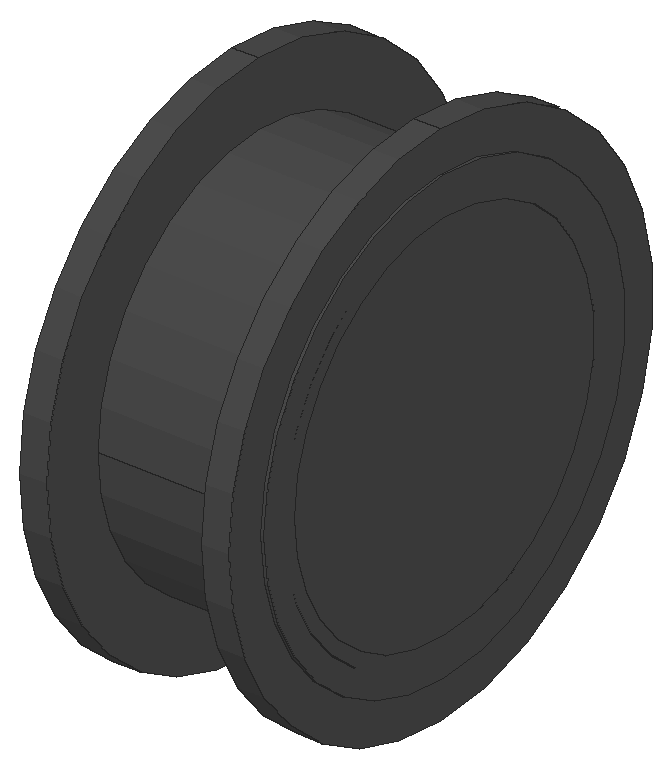
Revit family "FoFo_FF_Toco", category Pipe Fittings, Revit 2025
Family settings
  Round Connector Dimension = Use Radius
  Part Type = Union
  OmniClass Number = 23.60.30.11.14
  OmniClass Title = Pipework Fittings
  Work Plane-Based = Yes
  Always vertical = No
  Cut with Voids When Loaded = No
  Shared = Yes
Parameters (values of type "TOFAV_10_0400")
  PN = "10"
  Material_Conexao = FOFO
  Manufacturer = "SGC"
  Loss Method = 1
  K Coefficient Table = "Tee"
  Junta_1_Tipo = FoFo_FF_Junta : FLA_10_0400
  Description = "Toco Flangeado"
  Default Elevation = 0.0 mm
  DN = "400"
  Corpo_L = 230.0 mm
  Corpo_RE1 = 0.5 * Corpo_DE  # 214.5 mm
  Corpo_DE = 429.0 mm
Reference planes
  plane 1 "EixoP": y = 0
  plane 2: z = 0
  plane 3 "EixoS": x = 468.25
  plane 4 "EE": x = 353.25
  plane 5 "ED": x = 583.25
Forms (mm)
  Sweep 1, solid, material "FOFO"
    path origin (0, 0, 0) x (1, 0, 0) y (0, 1, 0)
      loop
        line (353.25, 0) -> (583.25, 0)
    profile origin (468.25, 0, 0) x (0, 1, 0) y (0, 0, 1)
      loop
        circle (0, 0) r 214.5
Dimensions and locks
  "Corpo_L": plane 4 "EE" to plane 5 "ED"
  equal spacing: plane 4 "EE", plane 3 "EixoS", plane 5 "ED"
  "Corpo_RE1": radius of Sweep 1 sketch curve
  aligned and locked: Sweep 1 sketch curve to plane 1 "EixoP"
  aligned and locked: plane 5 "ED" to Sweep 1 sketch curve
  aligned and locked: plane 4 "EE" to Sweep 1 sketch curve
Automatic sketch dimensions
  Sweep 1 sketch curve to level = 0.0 mm
  Sweep 1 sketch curve to profile plane = 0.0 mm
Nested families
  nested 1: "FoFo_FF_Junta" at (583.25, 0, 0) x (0, 0, 1) z (1, 0, 0), type <- "Junta_1_Tipo", type "FLA_10_0400"
    with Furo_V 252.552 mm, Flange_RT 214.5 mm, Flange_RL 200.0 mm, Flange_RG 240.0 mm, Flange_RF 257.5 mm, Flange_RD 282.5 mm, Furo_Quant 16, Flange_MA 11.25°, Furo_H 50.236 mm, Flange_Diâmetro_Resalto 480.0 mm, Furo_Raio 12.0 mm, Furo_Diâmetro 24.0 mm, Flange_Diâmetro_Livre 400.0 mm, Flange_Diâmetro_Furação 515.0 mm, Flange_Diâmetro_Tubo 429.0 mm, Flange_Diâmetro_Externo 565.0 mm, Flange_Resalto 4.0 mm, Flange_Altura 28.0 mm
  nested 2: "FoFo_FF_Junta" at (353.25, 0, 0) x (0, 0, 1) z (-1, 0, 0), type <- "Junta_1_Tipo", type "FLA_10_0400"
    with Furo_V 252.552 mm, Flange_RT 214.5 mm, Flange_RL 200.0 mm, Flange_RG 240.0 mm, Flange_RF 257.5 mm, Flange_RD 282.5 mm, Furo_Quant 16, Flange_MA 11.25°, Furo_H 50.236 mm, Flange_Diâmetro_Resalto 480.0 mm, Furo_Raio 12.0 mm, Furo_Diâmetro 24.0 mm, Flange_Diâmetro_Livre 400.0 mm, Flange_Diâmetro_Furação 515.0 mm, Flange_Diâmetro_Tubo 429.0 mm, Flange_Diâmetro_Externo 565.0 mm, Flange_Resalto 4.0 mm, Flange_Altura 28.0 mm
Connectors
  piping at (583.25, 0, 0), diameter 429, driven by "Corpo_RE1"
    settings: on nested 1, index 1, connector inside diameter 24", connector length 0.0 mm, flow factor 0, pipe flow 0 GPM, pressure drop 0.00 psi, fitting loss kfactor 0, connector angle 0.00°, fixture units 0, engagement length 0.0 mm, angle of deflection 0.00°, flow configuration 0, flow direction 0, fitting loss method 0, system type 7, joint type 0, gender type 0, connector reference index -1, connector utility 0, adjustable connector no, is connector primary yes, connector description ""
  piping at (353.25, 0, 0), diameter 429, driven by "Corpo_RE1"
    settings: on nested 2, index 2, connector inside diameter 24", connector length 0.0 mm, flow factor 0, pipe flow 0 GPM, pressure drop 0.00 psi, fitting loss kfactor 0, connector angle 0.00°, fixture units 0, engagement length 0.0 mm, angle of deflection 0.00°, flow configuration 0, flow direction 0, fitting loss method 0, system type 7, joint type 0, gender type 0, connector reference index -1, connector utility 0, adjustable connector no, is connector primary no, connector description ""
Definition of nested family "FoFo_FF_Junta"
  Parameters (values of type "FLA_10_0080")
    PN = "10"
    Furo_V = Flange_RF * cos(Flange_MA)  # 73.91 mm
    Flange_RT = 0.5 * Flange_Diâmetro_Tubo  # 49.0 mm
    Flange_RL = 0.5 * Flange_Diâmetro_Livre  # 40.0 mm
    Flange_RG = 0.5 * Flange_Diâmetro_Resalto  # 66.0 mm
    Flange_RF = 0.5 * Flange_Diâmetro_Furação  # 80.0 mm
    Flange_RD = 0.5 * Flange_Diâmetro_Externo  # 100.0 mm
    Furo_Quant = 8
    Flange_MA = 0.5 * (360.00° / Furo_Quant)  # 22.50°
    Furo_H = Flange_RF * sin(Flange_MA)  # 30.615 mm
    Flange_Diâmetro_Resalto = 132.0 mm
    Furo_Raio = 0.5 * Furo_Diâmetro  # 8.0 mm
    Furo_Diâmetro = 16.0 mm
    Flange_Diâmetro_Livre = 80.0 mm
    Flange_Diâmetro_Furação = 160.0 mm
    Flange_Diâmetro_Tubo = 98.0 mm
    Flange_Diâmetro_Externo = 200.0 mm
    Flange_Resalto = 3.0 mm
    Flange_Altura = 19.0 mm
    Default Elevation = 0.0 mm
    DN = "80"
  Reference planes
    plane 1 "Centro (Frente/Trás)": y = 0
    plane 2: z = 0
    plane 3 "Centro (Esquerda/Direita)": x = 0
    plane 4: z = -3
    plane 5: z = -22
  Forms (mm)
    Extrusion 1, solid
      sketch origin (0, 0, 0) x (1, 0, 0) y (0, 1, 0)
        loop
          circle (0, 0) r 100
      from -22 to -3
    Extrusion 2, solid
      sketch origin (0, 0, 0) x (1, 0, 0) y (0, 1, 0)
        loop
          circle (0, 0) r 66
      from 0 to -3
    Extrusion 3, void
      sketch origin (0, 0, 0) x (1, 0, 0) y (0, 1, 0)
        loop
          circle (0, 0) r 40
      from 0 to -22
  Cuts and joins
    Extrusion 3 cuts Extrusion 1
    Extrusion 3 cuts Extrusion 2
    joined: Extrusion 1, Extrusion 2
  Lines and regions (mm)
    model lines
      curve 1: line (-40, 0, 0) -> (40, 0, 0)
      curve 2: line (0, 40, 0) -> (0, -40, 0)
  Dimensions and locks
    "Flange_Resalto": plane 2 to plane 4
    "Flange_Altura": plane 4 to plane 5
    "Flange_RD": radius of Extrusion 1 sketch curve
    "Flange_RG": radius of Extrusion 2 sketch curve
    "Flange_RL": radius of Extrusion 3 sketch curve
    aligned and locked: plane 2 to level
    aligned and locked: Extrusion 1 to plane 5
    aligned and locked: Extrusion 1 to Extrusion 3
    aligned and locked: cut or joined group of Extrusion 1, Extrusion 2, Extrusion 3 to plane 4
    aligned and locked: plane 4 to cut or joined group of Extrusion 1, Extrusion 2, Extrusion 3
  Automatic sketch dimensions
    plane 1 "Centro (Frente/Trás)" to curve 1 = 0.0 mm
    curve 1 to plane 3 "Centro (Esquerda/Direita)" = 40.0 mm
    plane 3 "Centro (Esquerda/Direita)" to curve 1 = 40.0 mm
    plane 1 "Centro (Frente/Trás)" to curve 2 = 40.0 mm
    curve 2 to plane 1 "Centro (Frente/Trás)" = 40.0 mm
    curve 2 to plane 3 "Centro (Esquerda/Direita)" = 0.0 mm
    plane 1 "Centro (Frente/Trás)" to Extrusion 1 sketch curve = 0.0 mm
    Extrusion 1 sketch curve to plane 3 "Centro (Esquerda/Direita)" = 0.0 mm
    plane 1 "Centro (Frente/Trás)" to Extrusion 2 sketch curve = 0.0 mm
    Extrusion 2 sketch curve to plane 3 "Centro (Esquerda/Direita)" = 0.0 mm
    plane 1 "Centro (Frente/Trás)" to Extrusion 3 sketch curve = 0.0 mm
    Extrusion 3 sketch curve to plane 3 "Centro (Esquerda/Direita)" = 0.0 mm
